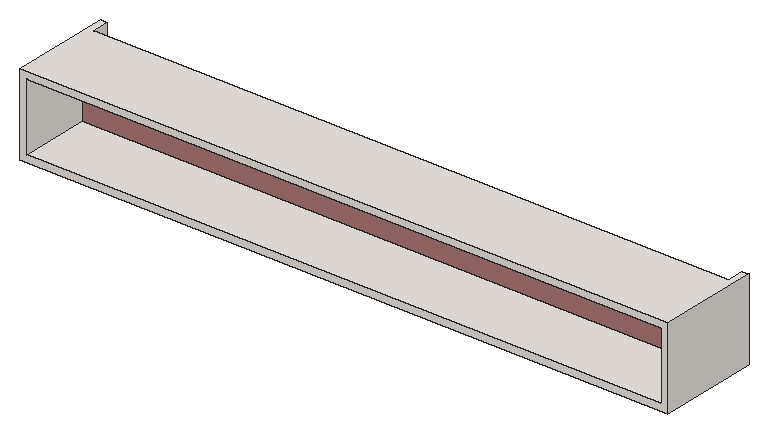
Revit family "Accessories-Teknion-CEAUC_Undercabinet_Cubby-R2022", category Furniture, Revit 2022
Family settings
  OmniClass Number = 23.40.20.00
  OmniClass Title = General Furniture and Specialties
  Work Plane-Based = No
  Always vertical = Yes
  Cut with Voids When Loaded = No
  Render Appearance Source = Family Geometry
  Shared = Yes
  Room Calculation Point = No
Parameters (values of type "12" Depth")
  Width [instance] = 72.000"
  Warranty = "http://www.teknion.com/ca/papers/legal-canada"
  Unit Weight URL = "http://www.teknion.com/ca/tools/assets#&asset=bee6a381-b954-425e-8283-5a2de3a804f2,f828d448-4b62-4231-9e5f-9a8991c0ed77"
  URL = "www.teknion.com"
  To render please download texture images found here [instance] = "https://assets.teknion.com/web/5e81352c1dfdb467/revit-material-swatches/"
  Sustainability Data = "https://www.teknion.com/ca/tools/assets#&topic=216f99a5-57a0-44fc-b10a-9dee9b29ae4c&asset=444deb64-fe58-4b68-981e-f75e97781df7,b4ff2d81-9f2e-437d-9659-7cffb09c31cf"
  Series = "Expansion Casework+"  # constant formula
  Product Page URL = "https://www.teknion.com/ca//products/product-details?productLineId=30ca1270-8e7a-673b-a6c8-ff05004460c4"
  Product Line = "Accessories"  # constant formula
  Product Documentation Link = "https://www.teknion.com/pricing/expansion-casework/pdfs/CEAUC_ppg.pdf"
  Part Number = "CEAUC"  # constant formula
  Model = "CEAUC11_09"
  Manufacturer Phone = "416-661-3370"  # constant formula
  Manufacturer Fax = "416.661.4586"  # constant formula
  Manufacturer Contact Information = "http://www.teknion.com/ca/contactus"
  Manufacturer Address = "1150 Flint Road, Toronto, ON. M3J 2J5. Canada"  # constant formula
  Manufacturer = "Teknion"  # constant formula
  How To Use Teknion Materials User Guide [instance] = "https://assets.teknion.com/m/205dd0a49fa58060/original/How-to-add-a-Material-Library-and-Texture-Images-to-your-Revit-project.pdf"
  For Additional Finishes please visit [instance] = "https://assets.teknion.com/m/44a8009b046e5d47/original/Teknion_Materials_Library.zip"
  Divider [instance] = Width > 72.000"  # no
  Description = "Undercabinet Cubby, 12\"D, 9\" Height"
  Depth = 11.161"
  Default Elevation = 0.000"
  Case Finish [instance] = Source Laminate - Teknion - 2G - Atrium White
  Back Panel Finish [instance] = Source Laminate - Teknion - 3E - Estate Cherry
  Available Width [instance] = "24\"-90\" in 3 increment"  # constant formula
  Assembly Code = "E2020200"
Types (3): name | Width | Model | Divider | Description | Depth | Case Finish | Back Panel Finish
  (no name) | 72.000" | "CEAUC11_09" | no | "Undercabinet Cubby, 12\"D, 9\" Height" | 11.161" | Source Laminate - Teknion - 2G - Atrium White | Source Laminate - Teknion - 3E - Estate Cherry
  15" Depth | 90.000" | "CEAUC15_09" | yes | "Undercabinet Cubby, 15\"D, 9\" Height" | 14.16142" | Flintwood - Teknion - FX - Flax | Veneer - Teknion - VB - Flintwood - Black Walnut
  12" Depth | 72.000" | "CEAUC11_09" | no | "Undercabinet Cubby, 12\"D, 9\" Height" | 11.161" | Source Laminate - Teknion - 2G - Atrium White | Source Laminate - Teknion - 3E - Estate Cherry
Reference planes (in)
  plane 1 "Center Front/Back": y = -7.08071
  plane 2: z = 0
  plane 3 "Center Left/Right": x = 45
  plane 4 "Left": x = 9
  plane 5 "Right": x = 81
  plane 6 "Back": y = -1.50021
  plane 7 "Front": y = -12.66121
  plane 8 "Top": z = 63
Forms (in)
  Sweep 1, solid, material "Source Laminate - Teknion - 2G - Atrium White" <- "Case Finish"
    path origin (0, -7.08071, 0) x (1, 0, 0) y (0, 0, 1)
      loop
        line (9, 63) -> (9, 54) -> (81, 54) -> (81, 63)
    profile origin (9, -7.08071, 58.5) x (0, -1, 0) y (1, 0, 0)
      loop
        line (-5.5805, 0.70079) -> (-5.5805, 0) -> (5.5805, 0) -> (5.5805, 0.70079) -> (-5.5805, 0.70079)
  Sweep 2, solid, material "Source Laminate - Teknion - 2G - Atrium White" <- "Case Finish"
    path origin (0, -7.08071, 0) x (1, 0, 0) y (0, 0, 1)
      loop
        line (45, 63) -> (45, 62.29921)
    profile origin (45, -7.08071, 62.64961) x (0, -1, 0) y (1, 0, 0)
      loop
        line (-3.76989, -35.29921) -> (5.5805, -35.29921) -> (5.5805, 35.29921) -> (-3.76989, 35.29921) -> (-3.76989, -35.29921)
  Sweep 3, solid, material "Source Laminate - Teknion - 3E - Estate Cherry" <- "Back Panel Finish"
    path origin (0, -7.08071, 0) x (1, 0, 0) y (0, 0, 1)
      loop
        line (45, 62.29921) -> (45, 54.70079)
    profile origin (45, -7.08071, 58.5) x (0, -1, 0) y (1, 0, 0)
      loop
        line (-2.82459, 35.29921) -> (-2.82459, -35.29921) -> (-2.12381, -35.29921) -> (-2.12381, 35.29921) -> (-2.82459, 35.29921)
  Sweep 4, solid, material "Source Laminate - Teknion - 2G - Atrium White" <- "Case Finish", visible <- "Divider"
    path origin (0, -7.08071, 0) x (1, 0, 0) y (0, 0, 1)
      loop
        line (45, 62.29921) -> (45, 54.70079)
    profile origin (45, -7.08071, 58.5) x (0, -1, 0) y (1, 0, 0)
      loop
        line (-2.12381, -0.35039) -> (3.5805, -0.35039) -> (3.5805, 0.35039) -> (-2.12381, 0.35039) -> (-2.12381, -0.35039)
Cuts and joins
  joined: Sweep 1, Sweep 2
Lines and regions (in)
  Masking region 1
    outline origin (0, 0, 0) x (1, 0, 0) y (0, 1, 0)
      loop
        line (9, -1.50021) -> (9, -12.66121) -> (81, -12.66121) -> (81, -1.50021) -> (9, -1.50021)
  symbolic lines
    curve 1: line (80.29921, -3.31081, 0) -> (9.70079, -3.31081, 0)
    curve 2: line (9.70079, -3.31081, 0) -> (9.70079, -1.50021, 0)
    curve 3: line (80.29921, -1.50021, 0) -> (80.29921, -3.31081, 0)
  symbolic lines, style "FurnitureHiddenLines", detail levels medium+fine
    curve 4: line (9.70079, -12.66121, 0) -> (9.70079, -1.50021, 0)
    curve 5: line (80.29921, -1.50021, 0) -> (80.29921, -12.66121, 0)
    curve 6: line (9.70079, -4.9569, 0) -> (80.29921, -4.9569, 0)
    curve 7: line (80.29921, -4.25611, 0) -> (9.70079, -4.25611, 0)
  symbolic lines, style "FurnitureHiddenLines", visible <- "Divider", detail levels medium+fine
    curve 8: line (44.64961, -4.9569, 0) -> (44.64961, -10.66121, 0)
    curve 9: line (44.64961, -10.66121, 0) -> (45.35039, -10.66121, 0)
    curve 10: line (45.35039, -10.66121, 0) -> (45.35039, -4.9569, 0)
Dimensions and locks (in)
  "Width": plane 4 "Left" to plane 5 "Right"
  "Depth": plane 6 "Back" to plane 7 "Front"
  plane 8 "Top" to level = 63.000"
  equal spacing: plane 6 "Back", plane 1 "Center Front/Back", plane 7 "Front"
  equal spacing: plane 4 "Left", plane 3 "Center Left/Right", plane 5 "Right"
  locked: plane 8 "Top" to Sweep 1 sketch curve at 9
  locked: Sweep 1 sketch curve to Sweep 1 sketch curve at 0.70079
  locked: Sweep 2 sketch curve to Sweep 2 sketch curve at 0.70079
  plane 6 "Back" to Sweep 3 sketch curve to Sweep 3 sketch curve = 2.75591" locked, 0.70079" locked
  Sweep 4 sketch curve to plane 3 "Center Left/Right" to Sweep 4 sketch curve = 0.35039" locked, 0.35039" locked
  locked: plane 6 "Back" to Sweep 2 sketch curve at 1.81061
  locked: Sweep 4 sketch curve to plane 7 "Front" at 2
  aligned and locked: level to plane 2
  aligned and locked: Sweep 1 sketch curve to plane 5 "Right"
  aligned and locked: plane 8 "Top" to Sweep 1 sketch curve  (x2)
  aligned and locked: Sweep 1 sketch curve to plane 4 "Left"
  aligned and locked: plane 6 "Back" to Sweep 1 sketch curve
  aligned and locked: profile plane to Sweep 1 sketch curve
  aligned and locked: plane 7 "Front" to Sweep 1 sketch curve
  aligned and locked: plane 8 "Top" to Sweep 2 sketch curve
  aligned and locked: Sweep 2 sketch curve to plane 3 "Center Left/Right"
  aligned and locked: Sweep 2 sketch curve to Sweep 1  (x2)
  aligned and locked: Sweep 1 to Sweep 2 sketch curve
  aligned and locked: Sweep 3 sketch curve to plane 3 "Center Left/Right"
  aligned and locked: Sweep 3 to Sweep 4 sketch curve  (x3)
  aligned and locked: Sweep 4 sketch curve to plane 3 "Center Left/Right"
  aligned and locked: curve 8 to Sweep 4
  aligned and locked: curve 9 to Sweep 4
  aligned and locked: curve 10 to Sweep 4
  aligned and locked: Sweep 3 sketch curve to cut or joined group of Sweep 1, Sweep 2  (x2)
  aligned and locked: nested 2 to plane 6 "Back"
  aligned and locked: nested 2 to plane 5 "Right"
  aligned and locked: plane 4 "Left" to nested 1
  aligned and locked: nested 1 to plane 6 "Back"
Automatic sketch dimensions
  plane 7 "Front" to curve 4 = 0.000"
  plane 7 "Front" to curve 5 = 0.000"
  curve 4 to plane 6 "Back" = 0.000"
  curve 5 to plane 6 "Back" = 0.000"
  curve 3 to plane 6 "Back" = 0.000"
  curve 2 to plane 6 "Back" = 0.000"
  curve 8 to plane 6 "Back" = 3.45669"
  curve 6 to curve 7 = 0.70079"
  plane 4 "Left" to curve 2 = 0.70079"
  plane 5 "Right" to curve 3 = 0.70079"
  curve 7 to curve 2 = 0.9453"
  plane 4 "Left" to curve 7 = 0.70079"
  plane 5 "Right" to curve 6 = 0.70079"
  Sweep 3 sketch curve to plane 8 "Top" = 8.29921"
  Sweep 3 sketch curve to plane 8 "Top" = 0.70079"
  Masking region 1 sketch curve to plane 4 "Left" = 0.000"
  Masking region 1 sketch curve to plane 5 "Right" = 0.000"
  Masking region 1 sketch curve to plane 7 "Front" = 0.000"
  Masking region 1 sketch curve to plane 6 "Back" = 0.000"
Nested families (in)
  nested 1: "Teknion_2D_Node_Family-R2016" at (9, -1.50021, 0), type "Teknion_2D_Node_Family-R2016"
  nested 2: "Teknion_2D_Node_Family-R2016" at (81, -1.50021, 0), type "Teknion_2D_Node_Family-R2016"
Definition of nested family "Teknion_2D_Node_Family-R2016"
  Reference planes (in)
    plane 1 "Center (Front/Back)": y = 0
    plane 2: z = 0
    plane 3 "Center (Left/Right)": x = 0
  Lines and regions (in)
    detail lines, in view "Ref. Level"
      curve 1: circle (0, 0, 0) r 1.25 normal (0, 0, 1)
      curve 2: line (1.91508, -1.91508, 0) -> (-1.91508, 1.91508, 0)
      curve 3: line (-1.91508, -1.91508, 0) -> (1.91508, 1.91508, 0)
